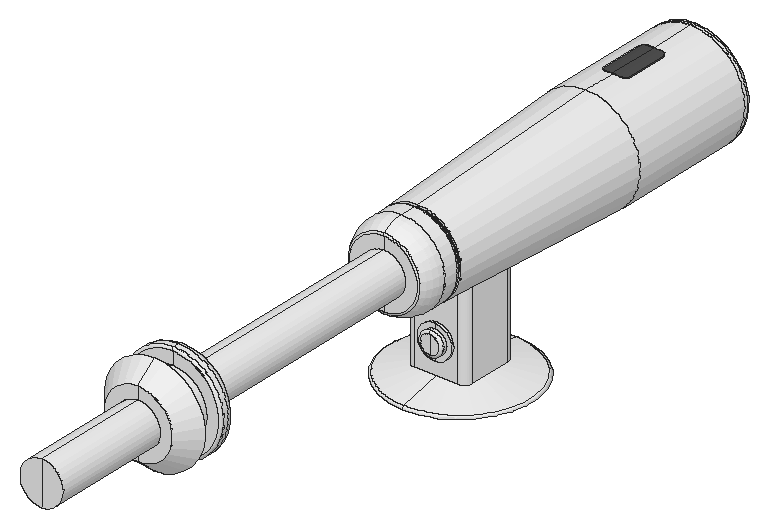
Revit family "PRD_AR_FlshCntrlDvcs_F3EUrinalFlushValve_F3EF3001", category Plumbing Fixtures, host Face, Revit 2023
Family settings
  Host = Face
  Round Connector Dimension = Use Diameter
  Part Type = Normal
  OmniClass Number = 23.65.55.14.17
  OmniClass Title = Adjusting/Controlling Valves for Liquid Services
  Enable Cutting in Views = No
  Cut with Voids When Loaded = No
  Maintain Annotation Orientation = No
  Shared = No
  Room Calculation Point = No
Parameters (values of type "F3EF3001")
  WorkingPressure = 0.0 Pa
  WaterConnection = "threaded connection (external)"
  WarrantyStartDate [instance] = "1900-12-31T23:59:59"
  WarrantyGuarantorParts = "n/a"
  WarrantyGuarantorLabor = "n/a"
  WarrantyDurationUnit = "n/a"
  WarrantyDurationParts = "n/a"
  WarrantyDurationLabor = "n/a"
  WarrantyDescription = "n/a"
  Version = "1"
  ValvePattern = "ANGLED_2_PORT"
  ValveOperation = "SOLENOID"
  ValveMechanism = "OTHER"
  Uniclass2015Version = "Products v1.36"
  Uniclass2015Title = "Flush control devices"
  Uniclass2015Code = "Pr_75_50_46_31"
  URL = "www.kwc-professional.com"
  TypeOfSensor = "opto-electronic sensor"
  TypeOfPowerSupply = "Battery"
  TypeOfOperation = "sensor operation"
  TypeOfMounting = "wall mounting"
  TypeOfFlushingFitting = "urinal flush valve"
  TypeOfBatteries = "CR-P2 Lithium battery 6V"
  Type IFC Predefined Type = "FLUSHING"
  TestPressure = 0.0 Pa
  TagNumber [instance] = "n/a"
  SustainabilityPerformance = "n/a"
  SurfaceFinishFitting = "chromed"
  SurfaceFinish = "chromed"
  Status = "New"
  SoundInsulation = "no"
  Size = 15.00 mm
  Shape = "n/a"
  SerialNumber [instance] = "n/a"
  Revision = "n/a"
  ReplacementCost = "n/a"
  Reference = "n/a"
  ProductInformation = "http://pim.kwc.com/product/2030072417/attachment/datasheet?locale=en"
  PowerSupplyConnection = "Battery 6 V"
  Parameterization = "remote control"
  NominalWidth = 0.00 mm
  NominalHeight = 0.00 mm
  NominalDepth = 0.00 mm
  Name = "F3E Urinal Flush Valve F3EF3001"
  NBSTypeID = "n/a"
  NBSReference = "90-15-35/470"
  NBSOfficeMasterTag = "n/a"
  NBSNote = "n/a"
  NBSDescription = "Flush control devices"
  NBSCertification = "n/a"
  ModelReference = "F3EF3001"
  ModelNumber = "2030072417"
  Model = ModelReference  # "F3EF3001"
  MaterialFitting = "brass-look"
  Material = "brass"
  ManufacturerURL = "www.kwc-professional.com"
  ManufacturerName = "KWC Group Management AG"  # constant formula
  Manufacturer = ManufacturerName  # "KWC Group Management AG"
  IsHighPressure = "FALSE"
  InstallationDate [instance] = "1900-12-31T23:59:59"
  InletSize = "G 1/2 B"
  IfcExportType = "FLUSHING"
  IfcExportAs = "IfcValveType"
  HygieneFlushing = "yes"
  HasIntegralShutOffDevice = "TRUE"
  Grade = "n/a"
  FunctionalPrinciple = "electronic self-closing"
  FlushingRate = 0.0 L/s
  FlowCoefficient = 0
  Flow = 0.0 L/s
  Finish = "chromed"
  Features = "All-metal housing, polished chromium-plated brass"
  Export Type to IFC As = "IfcValveType"
  ExpectedLife = "n/a"
  DurationUnit = "n/a"
  DiameterNominal = "DN 15"
  DN = 15.00 mm
  DefaultAutomaticHygieneFlush = "24h after the last activity"
  CloseOffRating = 0.0 Pa
  BodyMaterial = PRD_AR_ChromatedBrass
  Description = "F3E urinal flush valve DN 15 for wall mounting, opto-electronically controlled. Control electronics, solenoid valve cartridge, 6 V lithium battery (CR-P2) and sensor in all-metal housing, polished chromium-plated brass. With lockable water volume regulation, urinal connector, flushing pipe and rosette. Activated water hygiene flushing 24 hours after last activation, safety switch-off for continuous reflexion and saving of statistical data. With option for parametrisation and communication via optional, bidirectional remote control."
  Default Elevation = 1200.00 mm
  CreatedOn = "05/2025"  # constant formula
  Constituents = "n/a"
  Color = "chrome-look (glossy)"
  CodePerformance = "n/a"
  Category = "Pr_75_50_46_31, Flush control devices"
  BasicColour = "chrome-look (glossy)"
  BarCode [instance] = "n/a"
  BIMObjectName = "PRD_AR_FlushControlDevices_F3EUrinalFlushValve_F3EF3001"
  Author = "Archispace"  # constant formula
  AssetType = "Fixed"
  AssetIdentifier [instance] = "n/a"
  AccessibilityPerformance = "n/a"
Reference planes
  plane 1 "Center (Front/Back)": y = 0
  plane 2: z = 0
  plane 3 "Center (Left/Right)": x = 0
  plane 4: z = 42.5
Forms (mm)
  Extrusion 1, void
    sketch origin (0, 0, 0) x (1, 0, 0) y (0, 1, 0)
      loop
        circle (0, 0) r 10.48
    from -8 to 0
Dimensions and locks
  plane 4 to level = 42.50 mm
  aligned and locked: plane 2 to host face
  aligned and locked: level to host face
  aligned and locked: plane 3 "Center (Left/Right)" to nested 1
  aligned and locked: nested 1 to plane 1 "Center (Front/Back)"
Nested families
  nested 1: "Valve" at (0, 0, 0) x (1, 0, 0) z (0, 1, 0), type "Valve"
Connectors
  piping at (0, 0, -8), diameter 15, driven by "DN", driven by "Flow", driven by "DiameterNominal"
    settings: on nested 1, index 1, connector inside diameter 609.6 mm, connector length 0.00 mm, flow factor 0, pipe flow 0.0 L/s, pressure drop 0.0 Pa, fitting loss kfactor 0, connector angle 0.00°, fixture units 0, engagement length 0.00 mm, angle of deflection 0.00°, flow configuration 2, flow direction 1, fitting loss method 0, system type 20, joint type 0, gender type 0, connector reference index -1, connector utility 0, adjustable connector no, is connector primary yes, connector description "DN 15"
Definition of nested family "Valve"
  Parameters (values of type "Valve")
    X check = if(X < 100.00 mm, 100.00 mm, if(X > 200.00 mm, 200.00 mm, X))  # 150.00 mm
    X = 150.00 mm
    Material2 = none
    Material = none
    Default Elevation = 1219.20 mm
  Reference planes
    plane 1 "Center (Front/Back)": y = 0
    plane 2: z = 0
    plane 3 "Center (Left/Right)": x = 0
    plane 4: z = 0
    plane 5: z = -150
    plane 6: z = -159.3
    plane 7: z = -167.8
    plane 8: z = -143.5
    plane 9: z = -218
  Forms (mm)
    Revolve 1, solid, material <- "Material", detail levels fine
      sketch origin (0, 0, 0) x (0, 1, 0) y (0, 0, 1)
        loop
          arc (0, 30) -> (-0.625, 29.781) -> (-0.976, 29.219) r 1
          line (-0.976, 29.219) -> (-5, 11.283) -> (-5, 0) -> (0, 0) -> (0, 30)
        axis (0, 0) -> (-5, 0)
      angle from 0 to 360
    Sweep 2, solid, material <- "Material", detail levels fine
      path origin (0, 0, 0) x (0, 1, 0) y (0, 0, 1)
        loop
          line (-5, 0) -> (-55, 0)
      profile origin (0, -30, 0) x (0, 0, -1) y (1, 0, 0)
        loop
          arc (-12.5, -9) -> (-11.475, -11.475) -> (-9, -12.5) r 3.5
          line (-9, -12.5) -> (9, -12.5)
          arc (9, -12.5) -> (11.475, -11.475) -> (12.5, -9) r 3.5
          line (12.5, -9) -> (12.5, 9)
          arc (12.5, 9) -> (11.475, 11.475) -> (9, 12.5) r 3.5
          line (9, 12.5) -> (-9, 12.5)
          arc (-9, 12.5) -> (-11.475, 11.475) -> (-12.5, 9) r 3.5
          line (-12.5, 9) -> (-12.5, -9)
    Revolve 3, solid, material <- "Material", detail levels fine
      sketch origin (0, 0, 0) x (0, 1, 0) y (0, 0, 1)
        loop
          line (-18, 12.5) -> (-18, 15.5)
          arc (-18, 15.5) -> (-21.604, 15.337) -> (-25.179, 14.85) r 40
          arc (-25.179, 14.85) -> (-25.768, 14.507) -> (-26, 13.867) r 1
          line (-26, 13.867) -> (-26, 12.5) -> (-18, 12.5)
        loop
          line (-18, -12.5) -> (-25.15, -12.5) -> (-25.15, -13.5) -> (-22.925, -13.5) -> (-22.925, -15)
          arc (-22.925, -15) -> (-22.632, -15.707) -> (-21.925, -16) r 1
          line (-21.925, -16) -> (-18, -16) -> (-18, -12.5)
        axis (-18, 15.5) -> (-18, -16)
      angle from 0 to 360
    Revolve 4, solid, material <- "Material", detail levels fine
      sketch origin (0, 0, 0) x (0, 1, 0) y (0, 0, 1)
        loop
          line (-64, -143.5) -> (-72.6, -143.5)
          arc (-72.6, -143.5) -> (-74.721, -144.379) -> (-75.6, -146.5) r 3
          line (-75.6, -146.5) -> (-75.6, -149)
          arc (-75.6, -149) -> (-75.307, -149.707) -> (-74.6, -150) r 1
          line (-74.6, -150) -> (-69.25, -150) -> (-69.25, -159.3) -> (-76, -159.3) -> (-69.152, -167.8) -> (-64, -167.8) -> (-64, -143.5)
        axis (-55, -167.8) -> (-55, -143.5)
      angle from 0 to 360
    Revolve 5, solid, material <- "Material", detail levels fine
      sketch origin (0, 0, 0) x (0, 1, 0) y (0, 0, 1)
        loop
          line (-55, 120.2) -> (-55, 125.2)
          arc (-55, 125.2) -> (-65.722, 124.624) -> (-76.32, 122.901) r 100
          arc (-76.32, 122.901) -> (-77.168, 122.376) -> (-77.5, 121.435) r 1.5
          line (-77.5, 121.435) -> (-77.5, 120.2) -> (-55, 120.2)
        axis (-55, 120.2) -> (-55, 125.2)
      angle from 0 to 360
    Extrusion 6, void
      sketch origin (0, 0, 0) x (1, 0, 0) y (0, 0, 1)
        loop
          line (-5.5, 98.7) -> (-5.5, 81.744)
          arc (-5.5, 81.744) -> (-4.755, 79.945) -> (-2.956, 79.2) r 2.544
          line (-2.956, 79.2) -> (3, 79.2)
          arc (3, 79.2) -> (4.768, 79.932) -> (5.5, 81.7) r 2.5
          line (5.5, 81.7) -> (5.5, 98.7)
          arc (5.5, 98.7) -> (4.768, 100.468) -> (3, 101.2) r 2.5
          line (3, 101.2) -> (-3, 101.2)
          arc (-3, 101.2) -> (-4.768, 100.468) -> (-5.5, 98.7) r 2.5
      from 73.5 to 80.093
    Revolve 7, void
      sketch origin (0, 0, 0) x (0, 1, 0) y (0, 0, 1)
        loop
          line (-77.5, 120.2) -> (-82.5, 120.2) -> (-82.5, 65.375) -> (-77.5, 65.375) -> (-77.5, 120.2)
        axis (-55, 65.375) -> (-55, 120.2)
      angle from 0 to 360
    Extrusion 8, solid, material <- "Material2", detail levels fine
      sketch origin (0, 0, 0) x (1, 0, 0) y (0, 0, 1)
        loop
          line (-5.3, 98.7) -> (-5.3, 81.744)
          arc (-5.3, 81.744) -> (-4.613, 80.087) -> (-2.956, 79.4) r 2.344
          line (-2.956, 79.4) -> (3, 79.4)
          arc (3, 79.4) -> (4.626, 80.074) -> (5.3, 81.7) r 2.3
          line (5.3, 81.7) -> (5.3, 98.7)
          arc (5.3, 98.7) -> (4.626, 100.326) -> (3, 101) r 2.3
          line (3, 101) -> (-3, 101)
          arc (-3, 101) -> (-4.626, 100.326) -> (-5.3, 98.7) r 2.3
      from 73.5 to 80.093
    Revolve 9, solid, material <- "Material", detail levels medium
      sketch origin (0, 0, 0) x (0, 1, 0) y (0, 0, 1)
        loop
          line (-55, -218) -> (-55, 125.2) -> (-77.5, 125.2) -> (-77.5, -40) -> (-64, -40) -> (-64, -218) -> (-55, -218)
        axis (-55, -218) -> (-55, 125.2)
      angle from 0 to 360
    Revolve 10, solid, material <- "Material", detail levels medium
      sketch origin (0, 0, 0) x (0, 1, 0) y (0, 0, 1)
        loop
          line (0, 30) -> (-5, 30) -> (-5, 0) -> (0, 0) -> (0, 30)
        axis (0, 0) -> (-5, 0)
      angle from 0 to 360
    Sweep 11, solid, material <- "Material", detail levels medium
      path origin (0, 0, 0) x (0, 1, 0) y (0, 0, 1)
        loop
          line (-5, 0) -> (-55, 0)
      profile origin (0, -30, 0) x (0, 0, -1) y (1, 0, 0)
        loop
          line (-12.5, -12.5) -> (12.5, -12.5) -> (12.5, 12.5) -> (-12.5, 12.5) -> (-12.5, -12.5)
    Extrusion 12, solid, material <- "Material", detail levels coarse
      sketch origin (0, 0, 0) x (0, 1, 0) y (0, 0, 1)
        loop
          line (0, 125.2) -> (-77.5, 125.2) -> (-77.5, -150) -> (0, -150) -> (0, 125.2)
      from -22.5 to 22.5
    Revolve 13, solid, material <- "Material", detail levels fine
      sketch origin (0, 0, 0) x (0, 1, 0) y (0, 0, 1)
        loop
          line (-55, -218) -> (-55, 120.2) -> (-77.5, 120.2) -> (-77.5, 65.375)
          arc (-77.5, 65.375) -> (-76.362, 21.628) -> (-72.951, -22) r 841.343
          line (-72.951, -22) -> (-72, -22) -> (-72, -23)
          arc (-72, -23) -> (-72.707, -23.293) -> (-73, -24) r 1
          line (-73, -24) -> (-73, -30.5)
          arc (-73, -30.5) -> (-72.238, -35.283) -> (-70.026, -39.591) r 15.382
          arc (-70.026, -39.591) -> (-69.672, -39.892) -> (-69.219, -40) r 1
          line (-69.219, -40) -> (-64, -40) -> (-64, -218) -> (-55, -218)
        axis (-55, -218) -> (-55, 120.2)
      angle from 0 to 360
    Revolve 14, solid, material <- "Material", detail levels medium
      sketch origin (0, 0, 0) x (0, 1, 0) y (0, 0, 1)
        loop
          line (-55, -143.5) -> (-75.6, -143.5) -> (-75.6, -167.8) -> (-55, -167.8) -> (-55, -143.5)
        axis (-55, -167.8) -> (-55, -143.5)
      angle from 0 to 360
    Revolve 15, solid, material <- "Material"
      sketch origin (0, 0, 0) x (0, 1, 0) y (0, 0, 1)
        loop
          line (8, 0) -> (8, 10.48) -> (0, 10.48) -> (0, 0) -> (8, 0)
        axis (8, 0) -> (0, 0)
      angle from 0 to 360
  Cuts and joins
    Extrusion 6 cuts Revolve 4
    joined: Sweep 2, Revolve 4
    Revolve 7 cuts Extrusion 8
    joined: Revolve 9, Revolve 10, Sweep 11
    Extrusion 6 cuts Revolve 13
  Dimensions and locks
    "X check": level to plane 5
    locked: plane 8 to plane 5 at 6.5
    locked: plane 5 to plane 6 at 9.3
    locked: plane 6 to plane 7 at 8.5
    locked: level to plane 9 at 218
    aligned and locked: level to plane 2
    aligned and locked: Revolve 4 sketch curve to plane 8
    aligned and locked: plane 5 to Revolve 4 sketch curve
    aligned and locked: plane 6 to Revolve 4 sketch curve
    aligned and locked: Revolve 4 sketch curve to plane 7
    aligned and locked: plane 9 to Revolve 13 sketch curve
    aligned and locked: Extrusion 12 to plane 5
    aligned and locked: Revolve 14 sketch curve to plane 8
    aligned and locked: Revolve 14 sketch curve to plane 7
    aligned and locked: Revolve 9 sketch curve to plane 9
  Automatic sketch dimensions
    Revolve 1 sketch curve to level = 0.00 mm
    plane 1 "Center (Front/Back)" to Revolve 1 sketch curve = 0.976 mm
    plane 1 "Center (Front/Back)" to Revolve 1 sketch curve = 5.00 mm
    level to Revolve 1 sketch curve = 0.00 mm
    Revolve 1 sketch curve to Revolve 1 sketch curve = 11.283 mm
    Revolve 1 sketch curve to Revolve 1 sketch curve = 17.717 mm
    Revolve 1 sketch curve to Revolve 1 sketch curve = 0.219 mm
    Revolve 1 sketch curve to Revolve 1 sketch curve = 18.00 mm
    Revolve 1 sketch curve to Revolve 1 sketch curve = 5.00 mm
    Sweep 2 sketch curve to level = 0.00 mm
    plane 1 "Center (Front/Back)" to Sweep 2 sketch curve = 55.00 mm
    plane 1 "Center (Front/Back)" to Sweep 2 sketch curve = 5.00 mm
    profile plane to Sweep 2 sketch curve = 12.50 mm
    Sweep 2 sketch curve to Sweep 2 sketch curve = 3.50 mm  (x3)
    Sweep 2 sketch curve to profile plane = 9.00 mm  (x2)
    Sweep 2 sketch curve to plane 3 "Center (Left/Right)" = 12.50 mm
    plane 3 "Center (Left/Right)" to Sweep 2 sketch curve = 9.00 mm
    Revolve 3 sketch curve to level = 0.00 mm
    plane 1 "Center (Front/Back)" to Revolve 3 sketch curve = 26.00 mm
    plane 1 "Center (Front/Back)" to Revolve 3 sketch curve = 25.15 mm
    Revolve 3 sketch curve to Revolve 3 sketch curve = 1.00 mm  (x3)
    Revolve 3 sketch curve to Revolve 3 sketch curve = 2.225 mm
    Revolve 3 sketch curve to Revolve 3 sketch curve = 3.925 mm
    Revolve 3 sketch curve to Revolve 3 sketch curve = 0.00 mm  (x2)
    Revolve 3 sketch curve to level = 12.50 mm
    Revolve 3 sketch curve to Revolve 3 sketch curve = 1.50 mm
    Revolve 3 sketch curve to Revolve 3 sketch curve = 8.50 mm
    level to Revolve 3 sketch curve = 12.50 mm
    Revolve 3 sketch curve to Revolve 3 sketch curve = 1.367 mm
    Revolve 3 sketch curve to Revolve 3 sketch curve = 3.00 mm
    level to Revolve 3 sketch curve = 4.876 mm
    plane 1 "Center (Front/Back)" to Revolve 4 sketch curve = 76.00 mm
    Revolve 4 sketch curve to plane 8 = 3.00 mm
    Revolve 4 sketch curve to Revolve 4 sketch curve = 0.40 mm
    Revolve 4 sketch curve to Revolve 4 sketch curve = 1.00 mm
    Revolve 4 sketch curve to Revolve 4 sketch curve = 6.75 mm
    Revolve 4 sketch curve to Revolve 4 sketch curve = 0.098 mm
    Revolve 4 sketch curve to Revolve 4 sketch curve = 5.152 mm
    plane 1 "Center (Front/Back)" to Revolve 4 sketch curve = 55.00 mm
    level to Revolve 4 sketch curve = 148.00 mm
    Revolve 4 sketch curve to Revolve 4 sketch curve = 25.00 mm
    plane 1 "Center (Front/Back)" to Revolve 5 sketch curve = 77.50 mm
    Revolve 5 sketch curve to Revolve 5 sketch curve = 1.50 mm
    level to Revolve 5 sketch curve = 25.20 mm
    plane 1 "Center (Front/Back)" to Revolve 5 sketch curve = 55.00 mm
    Revolve 5 sketch curve to Revolve 5 sketch curve = 95.00 mm
    Revolve 5 sketch curve to Revolve 5 sketch curve = 1.235 mm
    Revolve 5 sketch curve to Revolve 5 sketch curve = 5.00 mm
    Revolve 5 sketch curve to Revolve 5 sketch curve = 0.00 mm
    Revolve 5 sketch curve to Revolve 5 sketch curve = 22.80 mm
    Revolve 5 sketch curve to Revolve 5 sketch curve = 25.00 mm
    Extrusion 6 sketch curve to plane 3 "Center (Left/Right)" = 5.50 mm
    Extrusion 6 sketch curve to Extrusion 6 sketch curve = 2.50 mm  (x2)
    Extrusion 6 sketch curve to plane 3 "Center (Left/Right)" = 2.956 mm
    plane 3 "Center (Left/Right)" to Extrusion 6 sketch curve = 3.00 mm  (x2)
    level to Extrusion 6 sketch curve = 79.20 mm
    Extrusion 6 sketch curve to Extrusion 6 sketch curve = 17.00 mm
    plane 1 "Center (Front/Back)" to Revolve 7 sketch curve = 82.50 mm
    Revolve 7 sketch curve to Revolve 7 sketch curve = 5.00 mm
    level to Revolve 7 sketch curve = 65.375 mm
    Revolve 7 sketch curve to Revolve 7 sketch curve = 54.825 mm
    Revolve 7 sketch curve to Revolve 7 sketch curve = 22.50 mm
    Revolve 7 sketch curve to Revolve 7 sketch curve = 27.80 mm
    Revolve 7 sketch curve to Revolve 7 sketch curve = 25.00 mm
    Extrusion 8 sketch curve to plane 3 "Center (Left/Right)" = 5.30 mm
    Extrusion 8 sketch curve to Extrusion 8 sketch curve = 2.30 mm  (x2)
    Extrusion 8 sketch curve to plane 3 "Center (Left/Right)" = 2.956 mm
    plane 3 "Center (Left/Right)" to Extrusion 8 sketch curve = 3.00 mm  (x2)
    level to Extrusion 8 sketch curve = 79.40 mm
    Extrusion 8 sketch curve to Extrusion 8 sketch curve = 17.00 mm
    plane 1 "Center (Front/Back)" to Revolve 9 sketch curve = 77.50 mm
    plane 1 "Center (Front/Back)" to Revolve 9 sketch curve = 64.00 mm
    Revolve 9 sketch curve to Revolve 9 sketch curve = 22.50 mm
    Revolve 9 sketch curve to level = 40.00 mm
    level to Revolve 9 sketch curve = 125.20 mm
    Revolve 9 sketch curve to Revolve 9 sketch curve = 0.00 mm
    Revolve 9 sketch curve to Revolve 9 sketch curve = 22.80 mm
    Revolve 9 sketch curve to Revolve 9 sketch curve = 25.00 mm
    Revolve 10 sketch curve to level = 0.00 mm
    plane 1 "Center (Front/Back)" to Revolve 10 sketch curve = 5.00 mm
    Revolve 10 sketch curve to Revolve 10 sketch curve = 30.00 mm
    Revolve 10 sketch curve to Revolve 10 sketch curve = 18.00 mm
    Revolve 10 sketch curve to Revolve 10 sketch curve = 5.00 mm
    Sweep 11 sketch curve to level = 0.00 mm
    plane 1 "Center (Front/Back)" to Sweep 11 sketch curve = 55.00 mm
    plane 1 "Center (Front/Back)" to Sweep 11 sketch curve = 5.00 mm
    profile plane to Sweep 11 sketch curve = 12.50 mm
    Sweep 11 sketch curve to profile plane = 12.50 mm
    Sweep 11 sketch curve to plane 3 "Center (Left/Right)" = 12.50 mm
    plane 3 "Center (Left/Right)" to Sweep 11 sketch curve = 12.50 mm
    Extrusion 12 sketch curve to plane 5 = 0.00 mm
    Extrusion 12 sketch curve to plane 1 "Center (Front/Back)" = 0.00 mm
    plane 1 "Center (Front/Back)" to Extrusion 12 sketch curve = 77.50 mm
    level to Extrusion 12 sketch curve = 125.20 mm
    plane 1 "Center (Front/Back)" to Revolve 13 sketch curve = 77.50 mm
    plane 1 "Center (Front/Back)" to Revolve 13 sketch curve = 73.00 mm
    Revolve 13 sketch curve to Revolve 13 sketch curve = 0.049 mm
    Revolve 13 sketch curve to Revolve 13 sketch curve = 0.951 mm
    Revolve 13 sketch curve to Revolve 13 sketch curve = 3.781 mm
    Revolve 13 sketch curve to Revolve 13 sketch curve = 5.219 mm
    Revolve 13 sketch curve to Revolve 13 sketch curve = 6.382 mm
    Revolve 13 sketch curve to Revolve 13 sketch curve = 22.50 mm
    level to Revolve 13 sketch curve = 65.375 mm
    Revolve 13 sketch curve to plane 1 "Center (Front/Back)" = 763.843 mm
    Revolve 13 sketch curve to Revolve 13 sketch curve = 18.00 mm
    Revolve 13 sketch curve to Revolve 13 sketch curve = 1.00 mm
    Revolve 13 sketch curve to Revolve 13 sketch curve = 8.50 mm
    Revolve 13 sketch curve to Revolve 13 sketch curve = 2.00 mm
    Revolve 13 sketch curve to Revolve 13 sketch curve = 54.825 mm
    Revolve 13 sketch curve to Revolve 13 sketch curve = 0.00 mm
    Revolve 13 sketch curve to Revolve 13 sketch curve = 27.80 mm
    Revolve 13 sketch curve to Revolve 13 sketch curve = 25.00 mm
    plane 1 "Center (Front/Back)" to Revolve 14 sketch curve = 75.60 mm
    Revolve 14 sketch curve to Revolve 14 sketch curve = 20.60 mm
    plane 1 "Center (Front/Back)" to Revolve 14 sketch curve = 55.00 mm
    level to Revolve 14 sketch curve = 148.00 mm
    Revolve 14 sketch curve to Revolve 14 sketch curve = 25.00 mm
    Revolve 15 sketch curve to level = 0.00 mm  (x2)
    Revolve 15 sketch curve to plane 1 "Center (Front/Back)" = 0.00 mm
    Revolve 15 sketch curve to Revolve 15 sketch curve = 8.00 mm
    Revolve 15 sketch curve to Revolve 15 sketch curve = 10.48 mm
    Revolve 15 sketch curve to Revolve 15 sketch curve = 10.00 mm
    Revolve 15 sketch curve to Revolve 15 sketch curve = 5.00 mm
    level to Revolve 10 sketch curve = 0.00 mm
    Revolve 10 sketch curve to plane 1 "Center (Front/Back)" = 0.00 mm
    Revolve 1 sketch curve to plane 1 "Center (Front/Back)" = 0.00 mm
